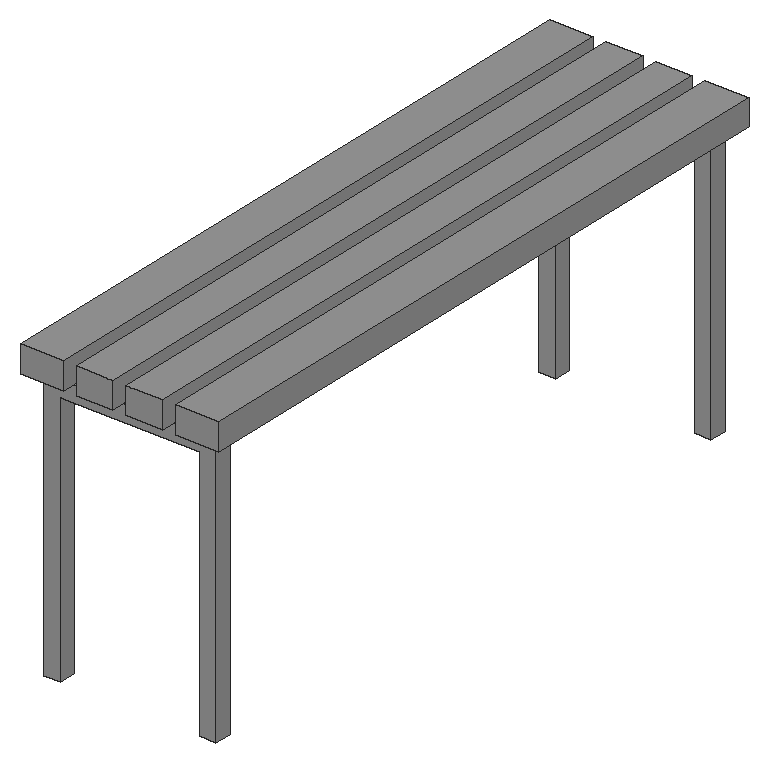
Revit family "АВЛН_Скамья для раздевалок", category Мебель, Revit 2019
Family settings
  Номер OmniClass = 23.40.20.00
  Заголовок OmniClass = General Furniture and Specialties
  На основе рабочей плоскости = Нет
  Всегда вертикально = Да
  При загрузке вырезать с полостями = Нет
  Общий = Нет
  Точка расчета площади = Нет
Parameters (values of type "Скамейка для раздевалок с пластиковым сидением 1000х300х450мм")
  М_Сиденье = Деревянная обшивка, ДСП
  Описание = "Скамейка для раздевалок с пластиковым сидением;\r\n1000х300х450мм"
  М_Опора = Сталь, окрашенная, темно-серая, матовая
  Type Comments = ""
  Keynote = ""
  Manufacturer = ""
  Группа модели = "Оборудование Спортивной зоны"  # constant formula
  ADSK_Размер_Ширина = 1000 mm
  ADSK_Размер_Длина = 300 mm
  ADSK_Размер_Высота = 450 mm
  ADSK_Обозначение = ""
  ADSK_Масса = 0
  ADSK_Код изделия = ""
  ADSK_Единица измерения = "шт"  # constant formula
Reference planes
  plane 1 "По центру (Вперед/Назад)": y = 0
  plane 2: z = 0
  plane 3 "По центру (Влево/Вправо)": x = 0
  plane 4 "сиденье": z = 450
  plane 5: y = 500
  plane 6: y = -500
  plane 7: x = -150
  plane 8: x = 150
  plane 9: x = -75
  plane 10: x = 75
Forms (mm)
  Extrusion 1, solid, material "Деревянная обшивка, ДСП" <- "М_Сиденье"
    sketch origin (0, -518.993, 450) x (-1, 0, 0) y (0, 1, 0)
      loop
        line (65, 1018.993) -> (10, 1018.993) -> (10, 18.993) -> (65, 18.993) -> (65, 1018.993)
      loop
        line (150, 18.993) -> (150, 1018.993) -> (85, 1018.993) -> (85, 18.993) -> (150, 18.993)
      loop
        line (-150, 18.993) -> (-85, 18.993) -> (-85, 1018.993) -> (-150, 1018.993) -> (-150, 18.993)
      loop
        line (-65, 1018.993) -> (-65, 18.993) -> (-10, 18.993) -> (-10, 1018.993) -> (-65, 1018.993)
    from 40 to 0
  Sweep 2, solid, material "Сталь, окрашенная, темно-серая, матовая" <- "М_Опора"
    path origin (-244.357, -500, 1580) x (-1, 0, 0) y (0, 0, 1)
      loop
        line (-374.357, -1580) -> (-374.357, -1170) -> (-114.357, -1170) -> (-114.357, -1580)
    profile origin (0, -500, 410) x (0, 0, 1) y (0, 1, 0)
      loop
        line (-25, 20) -> (0, 20) -> (0, 45) -> (-25, 45) -> (-25, 20)
  Sweep 3, solid, material "Сталь, окрашенная, темно-серая, матовая" <- "М_Опора"
    path origin (-244.357, 500, 1200) x (-1, 0, 0) y (0, 0, 1)
      loop
        line (-374.357, -1200) -> (-374.357, -790) -> (-114.357, -790) -> (-114.357, -1200)
    profile origin (0, 500, 410) x (0, 0, 1) y (0, 1, 0)
      loop
        line (0, -45) -> (0, -20) -> (-25, -20) -> (-25, -45) -> (0, -45)
Cuts and joins
  joined: Sweep 2, Sweep 3
Lines and regions (mm)
  symbolic lines
    curve 1: line (-150, 500, 450) -> (-150, -500, 450)
    curve 2: line (-150, 500, 450) -> (150, 500, 450)
    curve 3: line (150, 500, 450) -> (150, -500, 450)
    curve 4: line (-150, -500, 450) -> (150, -500, 450)
Dimensions and locks
  plane 2 to plane 4 "сиденье" = 450 mm
  "ADSK_Размер_Ширина": plane 5 to plane 6
  "ADSK_Размер_Длина": plane 7 to plane 8
  "ADSK_Размер_Высота": level to plane 4 "сиденье"
  locked: Extrusion 1 to plane 4 "сиденье" at 40
  equal spacing: plane 7, plane 3 "По центру (Влево/Вправо)", plane 8
  equal spacing: plane 5, plane 1 "По центру (Вперед/Назад)", plane 6
  locked: Sweep 2 sketch curve to Sweep 2 sketch curve at 25  (x2)
  locked: Sweep 2 sketch curve to profile plane at 20
  locked: Sweep 2 sketch curve to plane 7 at 20
  locked: Sweep 3 sketch curve to Sweep 3 sketch curve at 25  (x2)
  locked: profile plane to Sweep 3 sketch curve at 20
  locked: Sweep 3 sketch curve to plane 7 at 20
  plane 7 to plane 9 to plane 3 "По центру (Влево/Вправо)" to plane 10 to plane 8 = 75 mm, 75 mm, 75 mm, 75 mm
  equal spacing: Extrusion 1 sketch curve, plane 10, Extrusion 1 sketch curve
  equal spacing: Extrusion 1 sketch curve, plane 3 "По центру (Влево/Вправо)", Extrusion 1 sketch curve
  equal spacing: Extrusion 1 sketch curve, plane 9, Extrusion 1 sketch curve
  locked: plane 9 to Extrusion 1 sketch curve at 10
  locked: Extrusion 1 sketch curve to plane 3 "По центру (Влево/Вправо)" at 10
  locked: Extrusion 1 sketch curve to plane 10 at 10
  locked: plane 8 to Sweep 2 sketch curve at 20
  locked: plane 8 to Sweep 3 sketch curve at 20
  aligned and locked: Extrusion 1 to plane 4 "сиденье"
  aligned and locked: plane 8 to Extrusion 1
  aligned and locked: Extrusion 1 to plane 7
  aligned and locked: plane 5 to Extrusion 1
  aligned and locked: Extrusion 1 to plane 6
  aligned and locked: level to plane 2
  aligned and locked: profile plane to Sweep 2 sketch curve
  aligned and locked: Sweep 3 sketch curve to profile plane
  aligned and locked: plane 2 to Sweep 2 sketch curve  (x2)
  aligned and locked: plane 2 to Sweep 3 sketch curve  (x2)
  aligned and locked: Sweep 2 sketch curve to Extrusion 1
  aligned and locked: Sweep 3 sketch curve to Extrusion 1
  aligned and locked: plane 5 to Extrusion 1 sketch curve  (x2)
  aligned and locked: Extrusion 1 sketch curve to plane 5  (x2)
  aligned and locked: plane 6 to Extrusion 1 sketch curve  (x4)
  aligned and locked: curve 1 to plane 7
  aligned and locked: curve 2 to plane 5
  aligned and locked: curve 3 to plane 8
  aligned and locked: curve 4 to plane 6
Automatic sketch dimensions
  Extrusion 1 sketch curve to plane 8 = 0 mm
  Extrusion 1 sketch curve to plane 7 = 0 mm
